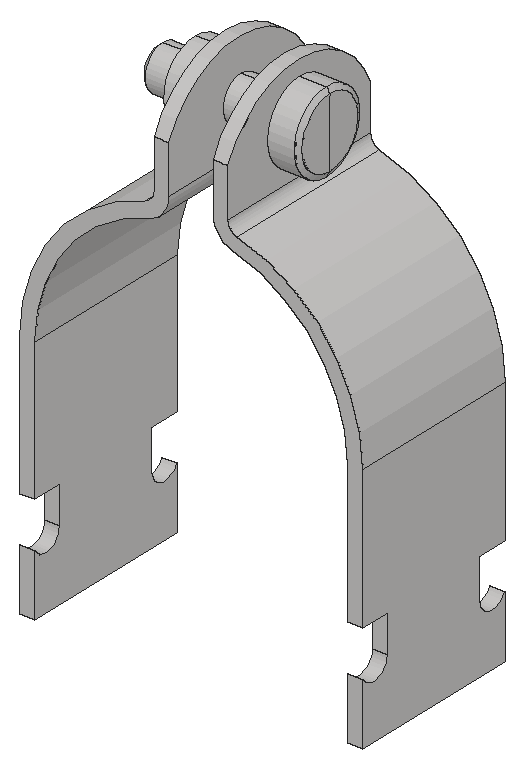
Revit family "Pipe-Clamp-Atkore-Thinwall-Conduit-P1431", category Specialty Equipment, Revit 2012
Parameters (values of type "P1431")
  ecoScorecard_data = ""
  ecoScorecard Product Page = ""
  Unit = Metal - Aluminum - Atkore - Electro - Galvanized
  URL = "http://unistrut.us/index.php"
  Thickness Gauge = 1.50 mm  # constant formula
  Subcategory = "Pipe Clamps"  # constant formula
  Product Page URL = ""
  Part Type = "Clamp"  # constant formula
  Part Number = "P1431"
  Overall Width = 61.69 mm
  Overall Height = 95.647 mm
  Overall Depth = 31.93 mm
  Outer Diameter = 55.80 mm
  Model = "P1431"  # constant formula
  Material = "Multiple Options - See Catalog"
  Manufacturer Toll Free Phone = "800-882-5543"  # constant formula
  Manufacturer Phone = "708-339-1610"  # constant formula
  Manufacturer Fax = "708-339-7814"  # constant formula
  Manufacturer Email = "mailto:questions@atkore.com"
  Manufacturer Address = "16100 South Lathrop Avenue, Harvey, IL 60426"  # constant formula
  Manufacturer = "Unistrut by Atkore International"  # constant formula
  Load Capacity Note = "Visit the product page for load application and capacity."  # constant formula
  Literature URL = ""
  Description = "Pipe Clamps For Thin Wall Conduit"  # constant formula
  Cost Info = "mailto:questions@atkore.com"
  Construction Note = ""
  Conduit Size = 50.80 mm
  CSI MasterSpec = ""
  CAD URL = ""
  Assembly Code = "D5090300"
  95 CSI = "16070"  # constant formula
  04 CSI = "26 05 48"  # constant formula
Reference planes
  plane 1 "Center (Front/Back)": y = 0
  plane 2: z = 0
  plane 3 "Center (Left/Right)": x = 0
  plane 4: y = 15.965
  plane 5: y = -15.965
  plane 6: x = -30.845
  plane 7: x = 30.845
  plane 8: z = 95.647
Dimensions and locks
  equal spacing: plane 4, plane 1 "Center (Front/Back)", plane 5
  "Overall Height": plane 8 to level
  "Overall Depth": plane 4 to plane 5
  "Overall Width": plane 6 to plane 7
  equal spacing: plane 6, plane 3 "Center (Left/Right)", plane 7
  aligned and locked: level to plane 2
  aligned and locked: plane 1 "Center (Front/Back)" to nested 1
  aligned and locked: plane 3 "Center (Left/Right)" to nested 1
Nested families
  nested 1: "P1431" at (0, 0, 0), type "P1431"
Definition of nested family "P1431"
  Parameters (values of type "P1431")
    Unit = none
    Default Elevation = 0.00 mm
  Reference planes
    plane 1 "Center (Front/Back)": y = 0
    plane 2: z = 0
    plane 3 "Center (Left/Right)": x = 0
    plane 4: y = -15.967
    plane 5: x = -30.845
    plane 6: x = 30.845
    plane 7: y = 15.967
    plane 8: z = 95.647
    plane 9: z = 19.431
    plane 10: z = 76.696
  Forms (mm)
    Extrusion 1, solid, material <- "Unit"
      sketch origin (0, 0, 0) x (0, 1, 0) y (0, 0, 1)
        loop
          arc (-10.411, 12.683) -> (-12.595, 9.796) -> (-15.967, 11.112) r 3
          line (-15.967, 11.112) -> (-15.967, 0) -> (15.967, 0) -> (15.967, 11.235)
          arc (15.967, 11.235) -> (12.603, 9.522) -> (10.227, 12.456) r 3
          line (10.227, 12.456) -> (10.227, 19.431) -> (-10.411, 19.431) -> (-10.411, 12.683)
      from 28.178 to 30.845
    Extrusion 2, solid, material <- "Unit"
      sketch origin (0, 0, 0) x (1, 0, 0) y (0, 0, 1)
        loop
          arc (7.541, 71.997) -> (22.433, 61.899) -> (28.178, 44.847) r 28.178
          line (28.178, 44.847) -> (28.178, 19.431) -> (30.845, 19.431) -> (30.845, 44.847)
          arc (30.845, 44.847) -> (24.556, 63.513) -> (8.254, 74.567) r 30.845
          arc (8.254, 74.567) -> (7.086, 75.359) -> (6.636, 76.696) r 2.21
          line (6.636, 76.696) -> (3.969, 76.696)
          arc (3.969, 76.696) -> (4.963, 73.745) -> (7.541, 71.997) r 4.877
      from -15.967 to 15.967
    Extrusion 3, solid, material <- "Unit"
      sketch origin (0, 0, 0) x (0, 1, 0) y (0, 0, 1)
        loop
          line (-15.967, 85.459) -> (-15.967, 76.696) -> (15.967, 76.696) -> (15.967, 85.043)
          arc (15.967, 85.043) -> (0.135, 95.645) -> (-15.967, 85.459) r 17.462
      from 3.969 to 6.636
    Extrusion 4, solid, material <- "Unit"
      sketch origin (0, 0, 0) x (0, 1, 0) y (0, 0, -1)
        loop
          line (-10.411, -12.683) -> (-10.411, -19.431) -> (10.227, -19.431) -> (10.227, -12.456)
          arc (10.227, -12.456) -> (12.603, -9.522) -> (15.967, -11.235) r 3
          line (15.967, -11.235) -> (15.967, 0) -> (-15.967, 0) -> (-15.967, -11.112)
          arc (-15.967, -11.112) -> (-12.595, -9.796) -> (-10.411, -12.683) r 3
      from 28.178 to 30.845
    Extrusion 5, solid, material <- "Unit"
      sketch origin (0, 0, 0) x (-1, 0, 0) y (0, 0, -1)
        loop
          arc (7.541, -71.997) -> (4.963, -73.745) -> (3.969, -76.696) r 4.877
          line (3.969, -76.696) -> (6.636, -76.696)
          arc (6.636, -76.696) -> (7.086, -75.359) -> (8.254, -74.567) r 2.21
          arc (8.254, -74.567) -> (24.556, -63.513) -> (30.845, -44.847) r 30.845
          line (30.845, -44.847) -> (30.845, -19.431) -> (28.178, -19.431) -> (28.178, -44.847)
          arc (28.178, -44.847) -> (22.433, -61.899) -> (7.541, -71.997) r 28.178
      from -15.967 to 15.967
    Extrusion 6, solid, material <- "Unit"
      sketch origin (0, 0, 0) x (0, 1, 0) y (0, 0, -1)
        loop
          arc (-15.967, -85.459) -> (0.135, -95.645) -> (15.967, -85.043) r 17.462
          line (15.967, -85.043) -> (15.967, -76.696) -> (-15.967, -76.696) -> (-15.967, -85.459)
      from 3.969 to 6.636
    Revolve 7, solid, material <- "Unit"
      sketch origin (0, 0, 0) x (1, 0, 0) y (0, 0, 1)
        loop
          line (-17.875, 89.694) -> (-18.764, 88.805) -> (-18.764, 85.725) -> (-6.636, 85.725) -> (-6.636, 92.869) -> (-12.003, 92.869)
          arc (-12.003, 92.869) -> (-12.729, 91.297) -> (-13.383, 89.694) r 37.413
          line (-13.383, 89.694) -> (-17.875, 89.694)
        loop
          line (3.969, 89.694) -> (-3.969, 89.694) -> (-3.969, 85.725) -> (3.969, 85.725) -> (3.969, 89.694)
        loop
          line (6.636, 92.984) -> (6.636, 85.725) -> (12.198, 85.725) -> (12.198, 92.012) -> (11.637, 92.984) -> (6.636, 92.984)
        axis (-18.764, 85.725) -> (12.198, 85.725)
      angle from 0 to 360
  Cuts and joins
    joined: Extrusion 1, Extrusion 2, Extrusion 3
    joined: Extrusion 4, Extrusion 5, Extrusion 6
  Dimensions and locks
    equal spacing: plane 5, plane 3 "Center (Left/Right)", plane 6
    equal spacing: plane 4, plane 1 "Center (Front/Back)", plane 7
    aligned and locked: plane 2 to level
    aligned and locked: Extrusion 2 to plane 7
    aligned and locked: Extrusion 2 to plane 4
  Automatic sketch dimensions
    Extrusion 1 sketch curve to plane 4 = 0.00 mm
    plane 9 to Extrusion 1 sketch curve = 0.00 mm
    Extrusion 1 sketch curve to plane 7 = 0.00 mm
    Extrusion 1 sketch curve to level = 0.00 mm
    plane 4 to Extrusion 1 sketch curve = 2.556 mm
    Extrusion 1 sketch curve to Extrusion 1 sketch curve = 3.00 mm
    plane 7 to Extrusion 1 sketch curve = 5.74 mm
    plane 7 to Extrusion 1 sketch curve = 2.74 mm
    plane 9 to Extrusion 1 sketch curve = 8.318 mm
    plane 9 to Extrusion 1 sketch curve = 8.196 mm
    Extrusion 2 sketch curve to Extrusion 2 sketch curve = 0.00 mm  (x5)
    Extrusion 2 sketch curve to plane 3 "Center (Left/Right)" = 0.00 mm
    Extrusion 2 sketch curve to plane 10 = 0.00 mm
    Extrusion 2 sketch curve to plane 9 = 0.00 mm
    Extrusion 2 sketch curve to plane 6 = 0.00 mm
    plane 3 "Center (Left/Right)" to Extrusion 2 sketch curve = 3.969 mm
    Extrusion 2 sketch curve to Extrusion 2 sketch curve = 2.667 mm
    Extrusion 2 sketch curve to plane 10 = 4.699 mm
    Extrusion 2 sketch curve to Extrusion 2 sketch curve = 0.905 mm
    Extrusion 3 sketch curve to plane 4 = 0.00 mm
    Extrusion 3 sketch curve to plane 7 = 0.00 mm
    Extrusion 3 sketch curve to plane 10 = 0.00 mm
    plane 1 "Center (Front/Back)" to Extrusion 3 sketch curve = 0.092 mm
    plane 10 to Extrusion 3 sketch curve = 1.488 mm
    plane 10 to Extrusion 3 sketch curve = 8.347 mm
    Extrusion 4 sketch curve to plane 4 = 0.00 mm
    plane 9 to Extrusion 4 sketch curve = 0.00 mm
    Extrusion 4 sketch curve to plane 7 = 0.00 mm
    Extrusion 4 sketch curve to level = 0.00 mm
    plane 4 to Extrusion 4 sketch curve = 2.556 mm
    Extrusion 4 sketch curve to Extrusion 4 sketch curve = 3.00 mm
    plane 7 to Extrusion 4 sketch curve = 5.74 mm
    plane 7 to Extrusion 4 sketch curve = 2.74 mm
    plane 9 to Extrusion 4 sketch curve = 6.748 mm
    plane 9 to Extrusion 4 sketch curve = 6.975 mm
    Extrusion 5 sketch curve to Extrusion 5 sketch curve = 0.00 mm  (x5)
    Extrusion 5 sketch curve to plane 3 "Center (Left/Right)" = 0.00 mm
    Extrusion 5 sketch curve to plane 10 = 0.00 mm
    Extrusion 5 sketch curve to plane 9 = 0.00 mm
    Extrusion 5 sketch curve to plane 5 = 0.00 mm
    plane 3 "Center (Left/Right)" to Extrusion 5 sketch curve = 3.969 mm
    Extrusion 5 sketch curve to Extrusion 5 sketch curve = 2.667 mm
    plane 10 to Extrusion 5 sketch curve = 4.699 mm
    Extrusion 5 sketch curve to Extrusion 5 sketch curve = 0.905 mm
    Extrusion 6 sketch curve to plane 4 = 0.00 mm
    Extrusion 6 sketch curve to plane 7 = 0.00 mm
    Extrusion 6 sketch curve to plane 10 = 0.00 mm
    plane 1 "Center (Front/Back)" to Extrusion 6 sketch curve = 0.092 mm
    plane 10 to Extrusion 6 sketch curve = 1.488 mm
    plane 10 to Extrusion 6 sketch curve = 8.347 mm
    plane 5 to Revolve 7 sketch curve = 12.081 mm
    Revolve 7 sketch curve to Revolve 7 sketch curve = 0.889 mm  (x2)
    Revolve 7 sketch curve to Revolve 7 sketch curve = 4.493 mm
    Revolve 7 sketch curve to Revolve 7 sketch curve = 1.38 mm
    Revolve 7 sketch curve to Revolve 7 sketch curve = 4.291 mm
    Revolve 7 sketch curve to Revolve 7 sketch curve = 2.456 mm
    Revolve 7 sketch curve to plane 3 "Center (Left/Right)" = 3.969 mm
    plane 3 "Center (Left/Right)" to Revolve 7 sketch curve = 3.969 mm
    Revolve 7 sketch curve to Revolve 7 sketch curve = 2.667 mm
    Revolve 7 sketch curve to Revolve 7 sketch curve = 5.001 mm
    Revolve 7 sketch curve to Revolve 7 sketch curve = 5.563 mm
    Revolve 7 sketch curve to Revolve 7 sketch curve = 0.00 mm  (x3)
    Revolve 7 sketch curve to plane 10 = 0.311 mm
    Revolve 7 sketch curve to plane 6 = 9.261 mm
    plane 10 to Revolve 7 sketch curve = 9.029 mm  (x2)
    Revolve 7 sketch curve to Revolve 7 sketch curve = 3.08 mm
    Revolve 7 sketch curve to Revolve 7 sketch curve = 3.969 mm
    plane 8 to Revolve 7 sketch curve = 3.635 mm
    plane 8 to Revolve 7 sketch curve = 2.663 mm
